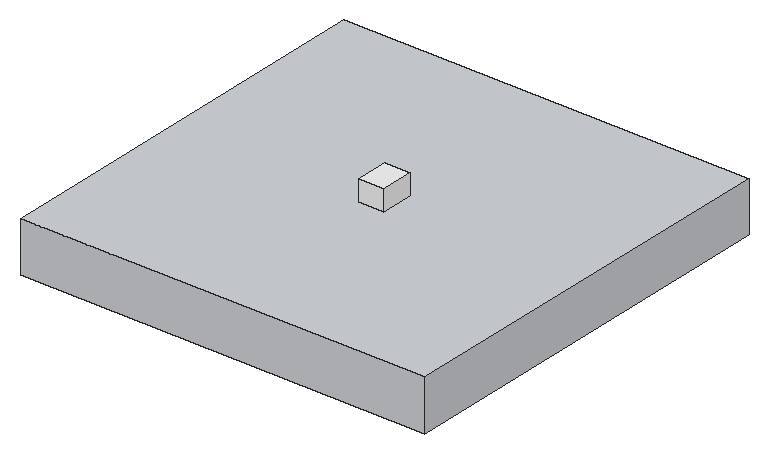
Revit family "Conjunto de pilotaje valvulas direccionales eléctricas_Aguilera Electronica", category Equipos eléctricos, Revit 2017
Family settings
  Anfitrión = Cara
  Cota de conector redondo = Diámetro de uso
  Tipo de pieza = Interruptor de equipos
  Número OmniClass = 23.65.55.00
  Título OmniClass = Distribution of Supplied Liquids/Gases
  Corte con vacíos al cargar = No
  Compartido = No
  Punto de cálculo de habitación = No
Parameters (values of type "Conjunto de pilotaje para 1 válvula direccional eléctrica")
  Voltage = ""
  URL = "http://aguilera.es/?productos=conjunto-de-pilotaje-para-valvulas-direccionales-electricas"
  Símbolo texto modelo = yes
  Símbolo = yes
  Potencia aparente = 230 VA
  Modelo = "AN/CVDPE"
  Potencial eléctrico = 230 V
  Fondo = 123 mm
  Fabricante = "Aguilera Extinción"  # constant formula
  Elevación por defecto = 1200 mm
  Diámetro tubo = 20 mm
  Descripción = "Conjunto de pilotaje independiente que debe llevar cada válvula direccional, mecanizado en caja plástica.\r\nCaracterísticas:\r\n\r\n    Entrada de control de extinción del panel de extinción.\r\n    Entrada control de selección de riesgo del cuadro de bombas de agua nebulizada y señal de alimentación 230 Vca.\r\n    Salida vigilada de activación (230 Vca) de la electroválvula direccional (control permanete de su conexión).\r\n    Entrada vigilada de pulsador de disparo remoto.\r\n    Entrada vigilada de pulsador de bloqueo remoto.\r\n    Entrada vigilada de control de estado de la válvula bypass."  # constant formula
  Assembly Code = ""
  Type Comments = ""
  Ancho = 150 mm
  Alto = 200 mm
Reference planes
  plane 1 "Centro (Frontal/Posterior)": y = 0
  plane 2: z = 0
  plane 3 "Centro (Izquierda/Derecha)": x = 0
  plane 4: y = 100
  plane 5: y = -100
  plane 6: x = -75
  plane 7: x = 75
  plane 8: z = 123
  plane 9: z = 120
  plane 10: x = -121
  plane 11: x = 121
  plane 12: z = 117
Forms (mm)
  Extrusion 1, solid
    sketch origin (0, 0, 0) x (1, 0, 0) y (0, 1, 0)
      loop
        line (-1219.2, 1219.2) -> (-1219.2, -1219.2) -> (1219.2, -1219.2) -> (1219.2, 1219.2) -> (-1219.2, 1219.2)
    from 0 to -304.8
  Extrusion 2, solid, material "ABS Blanco"
    sketch origin (0, 0, 0) x (1, 0, 0) y (0, 1, 0)
      loop
        line (-75, -100) -> (75, -100) -> (75, 100) -> (-75, 100) -> (-75, -100)
    from 0 to 123
Lines and regions (mm)
  model lines, detail levels coarse
    curve 1: line (121, 60, 0) -> (121, -60, 0)
Dimensions and locks
  equal spacing: plane 5, plane 1 "Centro (Frontal/Posterior)", plane 4
  "Alto": plane 5 to plane 4
  equal spacing: plane 6, plane 3 "Centro (Izquierda/Derecha)", plane 7
  "Ancho": plane 6 to plane 7
  "Fondo": plane 8 to plane 2
  equal spacing: plane 10, plane 3 "Centro (Izquierda/Derecha)", plane 11, locked at 121 each
  locked: plane 8 to plane 12 at 6
  locked: plane 8 to plane 9 at 3
  aligned and locked: plane 2 to Extrusion 1
  aligned and locked: level to Extrusion 1
  aligned and locked: plane 5 to Extrusion 2 sketch curve
  aligned and locked: Extrusion 2 sketch curve to plane 6
  aligned and locked: plane 4 to Extrusion 2 sketch curve
  aligned and locked: Extrusion 2 sketch curve to plane 7
  aligned and locked: plane 8 to Extrusion 2
Automatic sketch dimensions
  Extrusion 1 sketch curve to Extrusion 1 sketch curve = 2438.4 mm  (x2)
  curve 1 to plane 4 = 40 mm
  curve 1 to plane 5 = 40 mm
  curve 1 to plane 11 = 0 mm
Nested families
  nested 1: "S_Conjunto de pilotaje_Aguilera Extinción" at (0, 0, 0), type "S_Conjunto de pilotaje_Aguilera Extinción", detail levels coarse
Connectors
  electrical at (0, 0, 0), driven by "Potencia aparente", driven by "Modelo"
    settings: on Extrusion 2, index 1, voltage 230 V, apparent load 0 VA, apparent load phase1 230 VA, apparent load phase2 0 VA, apparent load phase3 0 VA, power factor 1, load classification "Otro", number of poles 1, system type 31, power factor state 1, is connector primary yes, connector utility no, sub classification motor no, connector description "AN/CVDPE"
  cabletrayconduit at (0, 0, 0), diameter 20, driven by "Diámetro tubo"
    settings: on Extrusion 2, index 2, connector width 300 mm, connector height 300 mm, connector angle 0.00°, system type 32, placement type 0, profile type 0, connector reference index -1, is primary connector yes, connector utility param no, connector description ""
Definition of nested family "S_Conjunto de pilotaje_Aguilera Extinción"
  Parameters (values of type "S_Conjunto de pilotaje_Aguilera Extinción")
    Texto símbolo = "Conjunto pilotaje"
    Texto modelo = yes
    Modelo = "AE/SA-C1"
  Reference planes
    plane 1: y = 0
    plane 2: x = 0
  Lines and regions (mm)
    detail lines
      curve 1: line (-3.008, -3.913, 0) -> (3.008, -3.913, 0)
      curve 2: line (-3.008, 3.913, 0) -> (-3.008, -3.913, 0)
      curve 3: line (3.008, 3.913, 0) -> (-3.008, 3.913, 0)
      curve 4: line (3.008, -3.913, 0) -> (3.008, 3.913, 0)
  Text (mm)
    label "Texto símbolo" at (-0.164, 1.906, 0), shows "Texto símbolo"
    label "Modelo" at (-0.164, -1.89, 0), shows "Modelo", visible <- "Texto modelo"
